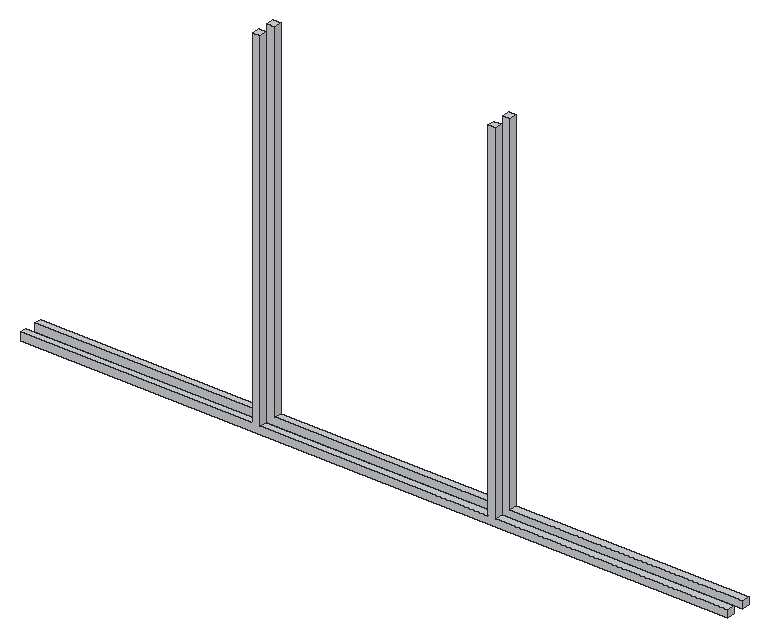
Revit family "5fe7969a9d394a21853f38728a8913cd", category Generic Models, Revit 2021
Family settings
  Can host rebar = No
  Round Connector Dimension = Use Diameter
  Part Type = Normal
  Work Plane-Based = No
  Always vertical = Yes
  Cut with Voids When Loaded = No
  Shared = Yes
  Room Calculation Point = No
Parameters
  Width [instance] = 4' - 0"
  Thickness = 0' - 0 1/2"
  Height [instance] = 4' - 0"
  Interior Material [instance] = none
  Exterior Material [instance] = none
  Distance = 0' - 0 3/4"
  Default Elevation = 0' - 0"
Reference planes (in)
  plane 1 "Center (Front/Back)": y = 0
  plane 2: z = 0
  plane 3 "Center (Left/Right)": x = 0
  plane 4: z = 48
  plane 5: x = -24
  plane 6: x = 24
  plane 7 "a": y = 0.375
  plane 8 "b": y = -0.375
  plane 9: z = 24
  plane 10: x = -8
  plane 11: x = -8.25
  plane 12: x = -7.75
  plane 13: x = 8
  plane 14: x = 7.75
  plane 15: x = 8.25
  plane 16: z = 24.25
  plane 17: z = 23.75
  plane 18: y = -0.875
  plane 19: y = 0.875
Forms (in)
  Extrusion 1, solid, material <- "Exterior Material", detail levels fine
    sketch origin (0, 0, 0) x (1, 0, 0) y (0, 0, 1)
      loop
        line (-24, 23.75) -> (24, 23.75) -> (24, 24.25) -> (8.25, 24.25) -> (8.25, 48) -> (7.75, 48) -> (7.75, 24.25) -> (-7.75, 24.25) -> (-7.75, 48) -> (-8.25, 48) -> (-8.25, 24.25) -> (-24, 24.25) -> (-24, 23.75)
    from -0.875 to -0.375
  Extrusion 2, solid, material <- "Interior Material", detail levels fine
    sketch origin (0, 0, 0) x (1, 0, 0) y (0, 0, -1)
      loop
        line (-24, -23.75) -> (-24, -24.25) -> (-8.25, -24.25) -> (-8.25, -48) -> (-7.75, -48) -> (-7.75, -24.25) -> (7.75, -24.25) -> (7.75, -48) -> (8.25, -48) -> (8.25, -24.25) -> (24, -24.25) -> (24, -23.75) -> (-24, -23.75)
    from -0.875 to -0.375
Lines and regions (in)
  model lines, detail levels medium
    curve 1: line (-24, 0.375, 24) -> (24, 0.375, 24)
    curve 4: line (-24, -0.375, 24) -> (24, -0.375, 24)
  model lines, style "GenericModel", detail levels medium
    curve 2: line (-8, 0.375, 48) -> (-8, 0.375, 24)
    curve 3: line (8, -0.375, 48) -> (8, -0.375, 24)
    curve 5: line (-8, -0.375, 48) -> (-8, -0.375, 24)
    curve 6: line (8, 0.375, 48) -> (8, 0.375, 24)
Dimensions and locks (in)
  equal spacing: plane 6, plane 3 "Center (Left/Right)", plane 5
  "Width": plane 6 to plane 5
  "Height": plane 4 to plane 2
  equal spacing: plane 7 "a", plane 1 "Center (Front/Back)", plane 8 "b"
  "Distance": plane 7 "a" to plane 8 "b"
  plane 12 to plane 10 to plane 11 = 0' - 0 1/4" locked, 0' - 0 1/4" locked
  equal spacing: plane 6, plane 13, plane 10, plane 5
  plane 14 to plane 13 = 0' - 0 1/4"
  plane 15 to plane 13 = 0' - 0 1/4"
  locked: plane 16 to plane 9 at 0.25
  locked: plane 9 to plane 17 at 0.25
  equal spacing: plane 4, plane 9, plane 2
  "Thickness": plane 19 to plane 7 "a"
  "Thickness": plane 8 "b" to plane 18
  aligned and locked: plane 2 to level
  aligned and locked: plane 5 to curve 1
  aligned and locked: plane 6 to curve 1
  aligned and locked: curve 1 to plane 9
  aligned and locked: curve 2 to plane 10
  aligned and locked: curve 3 to plane 13
  aligned and locked: Extrusion 1 sketch curve to plane 17
  aligned and locked: Extrusion 1 sketch curve to plane 16
  aligned and locked: Extrusion 1 sketch curve to plane 11
  aligned and locked: Extrusion 1 sketch curve to plane 12
  aligned and locked: Extrusion 1 sketch curve to plane 5
  aligned and locked: Extrusion 1 sketch curve to plane 14
  aligned and locked: Extrusion 1 sketch curve to plane 15
  aligned and locked: Extrusion 1 sketch curve to plane 6
  aligned and locked: Extrusion 1 sketch curve to plane 4
  aligned and locked: Extrusion 1 to plane 7 "a"
  aligned and locked: Extrusion 1 to plane 19
  aligned and locked: Extrusion 2 to plane 5  (x2)
  aligned and locked: plane 8 "b" to Extrusion 2
  aligned and locked: Extrusion 2 to plane 18
  aligned and locked: plane 6 to Extrusion 2  (x2)
  aligned and locked: plane 16 to Extrusion 2  (x3)
  aligned and locked: Extrusion 2 to plane 17
  aligned and locked: plane 5 to curve 4
  aligned and locked: plane 6 to curve 4
  aligned and locked: curve 5 to plane 10
  aligned and locked: curve 6 to plane 13
  aligned and locked: plane 4 to curve 2
  aligned and locked: plane 4 to curve 6
  aligned and locked: plane 9 to curve 2
Automatic sketch dimensions
  Extrusion 1 sketch curve to plane 16 = 0' - 0"  (x2)
  Extrusion 1 sketch curve to plane 4 = 0' - 0"
  Extrusion 2 sketch curve to plane 5 = 0' - 0"
  Extrusion 2 sketch curve to plane 11 = 0' - 0"
  Extrusion 2 sketch curve to plane 4 = 0' - 0"  (x2)
  Extrusion 2 sketch curve to plane 12 = 0' - 0"
  Extrusion 2 sketch curve to plane 14 = 0' - 0"
  Extrusion 2 sketch curve to plane 15 = 0' - 0"
  Extrusion 2 sketch curve to plane 6 = 0' - 0"
  Extrusion 2 sketch curve to plane 16 = 0' - 0"  (x3)
  Extrusion 2 sketch curve to plane 17 = 0' - 0"
  curve 4 to plane 6 = 0' - 0"
  curve 4 to plane 5 = 0' - 0"
  curve 3 to plane 9 = 0' - 0"
  curve 5 to plane 4 = 0' - 0"
  curve 3 to plane 4 = 0' - 0"
